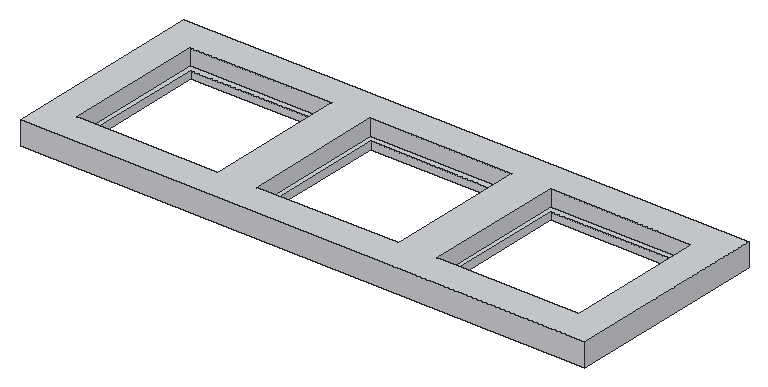
Revit family "Gira_021329", category Electrical Fixtures, host Face, Revit 2017
Family settings
  Host = Face
  Maintain Annotation Orientation = No
  Round Connector Dimension = Use Diameter
  Part Type = Normal
  Cut with Voids When Loaded = No
  Shared = No
  Room Calculation Point = No
Parameters (values of type "Abdeckrahmen 3f Gira E2 Reinweiß")
  Werkstoffgüte = "Thermoplast"
  Werkstoff = "Kunststoff"
  URL = "http://katalog.gira.de/de_DE/datenblatt.html?artikelnr=021329"
  Transparent = "No"
  Textfeld/Beschriftungsfläche = "No"
  Schutzart (IP) = "IP21"
  Region = "DE"
  RAL-Nummer (ähnlich) = "9010 "
  Oberfläche = "sonstige"
  Name = "Abdeckrahmen 3f Gira E2 Reinweiß"
  Montagerichtung = "horizontal und vertikal"
  Mit Klappdeckel = "No"
  Manufacturer URL = "https://www.gira.de/"
  Keynote = "E2_Rahmen_3fach"
  HeinzeBIM = "https://bimportal.heinze.de/bim/abdeckrahmen-3f-gira-e2-reinweiss/3bd480bb1211e11b852f2e67b377849510b84b9a"
  Halogenfrei = "Yes"
  HAN = "021329"
  Geeignet für Unterputz-Installation = "Yes"
  Geeignet für Unterflurkanaldose = "No"
  Geeignet für Geräteeinbaukanal = "No"
  Geeignet für Einbauinstallation = "No"
  GTIN = "4010337213291"
  Farbe = "weiß"
  Default Elevation = 1219.2 mm
  Data sheet (1) = "https://katalog.gira.de/de_DE/download.html?artikelnr=021329"
  Category = "Abdeckrahmen"
  Befestigungsart = "Klemmbefestigung"
  Available = "Yes"
  Ausführung der Oberfläche = "glänzend"
  Anzahl der Einheiten vertikal = "3 "
  Anzahl der Einheiten horizontal = "3 "
  Anzahl der Einheiten = "3 "
Reference planes
  plane 1 "Center (Front/Back)": y = 0
  plane 2: z = 0
  plane 3 "Center (Left/Right)": x = 0
Forms (mm)
  Extrusion 1, solid, detail levels fine
    sketch origin (0, 0, 0) x (1, 0, 0) y (0, 1, 0)
      loop
        line (111.7, 40.4) -> (-111.7, 40.4) -> (-111.7, -40.4) -> (111.7, -40.4) -> (111.7, 40.4)
      loop
        line (43.248, 28.052) -> (43.248, -28.052) -> (99.352, -28.052) -> (99.352, 28.052) -> (43.248, 28.052)
      loop
        line (-28.052, 28.052) -> (-28.052, -28.052) -> (28.052, -28.052) -> (28.052, 28.052) -> (-28.052, 28.052)
      loop
        line (-99.352, 28.052) -> (-99.352, -28.052) -> (-43.248, -28.052) -> (-43.248, 28.052) -> (-99.352, 28.052)
    from 0 to 9.3
  Extrusion 2, solid, detail levels fine
    sketch origin (-71.2, 0, 0) x (1, 0, 0) y (0, 1, 0)
      loop
        line (-28.152, -28.152) -> (28.152, -28.152) -> (28.152, 28.152) -> (-28.152, 28.152) -> (-28.152, -28.152)
      loop
        line (25.9, -25.7) -> (25.9, 25.7) -> (-25.9, 25.7) -> (-25.9, -25.7) -> (25.9, -25.7)
    from 0 to 3
  Extrusion 3, solid, detail levels coarse+medium
    sketch origin (0, 0, 0) x (1, 0, 0) y (0, 1, 0)
      loop
        line (111.7, 40.4) -> (-111.7, 40.4) -> (-111.7, -40.4) -> (111.7, -40.4) -> (111.7, 40.4)
    from 0 to 9.3
  Extrusion 4, solid, detail levels fine
    sketch origin (0.1, -0.047, 0) x (1, 0, 0) y (0, 1, 0)
      loop
        line (-28.152, -28.106) -> (28.152, -28.106) -> (28.152, 28.199) -> (-28.152, 28.199) -> (-28.152, -28.106)
      loop
        line (25.9, -25.653) -> (25.9, 25.747) -> (-25.9, 25.747) -> (-25.9, -25.653) -> (25.9, -25.653)
    from 0 to 3
  Extrusion 5, solid, detail levels fine
    sketch origin (71.2, -0.047, 0) x (1, 0, 0) y (0, 1, 0)
      loop
        line (-27.952, -28.006) -> (28.152, -28.006) -> (28.152, 28.099) -> (-27.952, 28.099) -> (-27.952, -28.006)
      loop
        line (26, -25.653) -> (26, 25.747) -> (-25.9, 25.747) -> (-25.9, -25.653) -> (26, -25.653)
    from 0 to 3
Dimensions and locks
  aligned and locked: plane 2 to host face
  aligned and locked: level to host face
